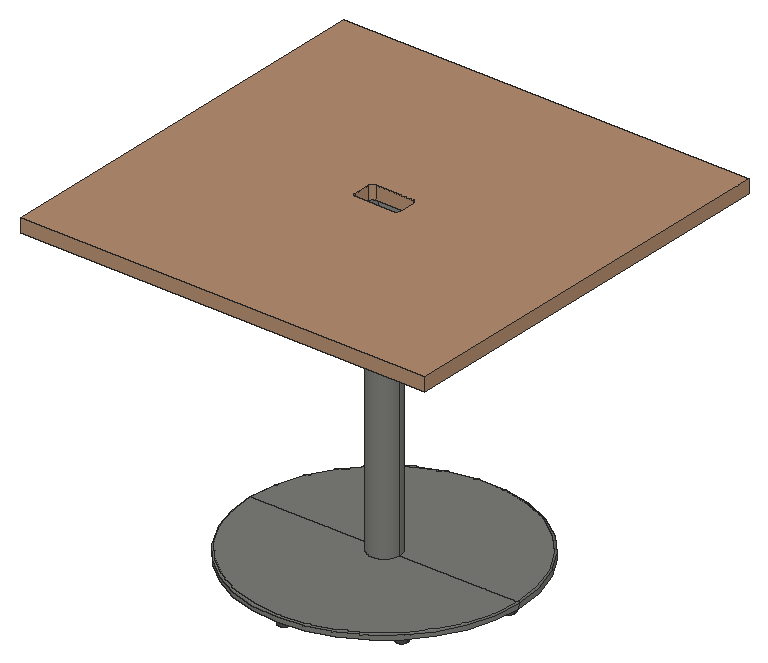
Revit family "Table-Teknion-ATETB_Square_Cafe_Table_With_Electrics-R2022", category Furniture, Revit 2023
Family settings
  OmniClass Number = 23.40.20.00
  OmniClass Title = General Furniture and Specialties
  Work Plane-Based = No
  Enable Cutting in Views = No
  Always vertical = Yes
  Cut with Voids When Loaded = No
  Render Appearance Source = Family Geometry
  Shared = Yes
  Room Calculation Point = No
Parameters (values of type "29" Height")
  Width = 36.000"  # constant formula
  Warranty = "http://www.teknion.com/ca/papers/legal-canada"
  Unit Weight URL = "http://www.teknion.com/ca/tools/assets#&asset=bee6a381-b954-425e-8283-5a2de3a804f2,f828d448-4b62-4231-9e5f-9a8991c0ed77"
  URL = "www.teknion.com"
  To render please download texture images found here [instance] = "https://assets.teknion.com/web/5e81352c1dfdb467/revit-material-swatches/"
  Sustainability Data = "https://www.teknion.com/ca/tools/assets#&topic=216f99a5-57a0-44fc-b10a-9dee9b29ae4c&asset=444deb64-fe58-4b68-981e-f75e97781df7,b4ff2d81-9f2e-437d-9659-7cffb09c31cf"
  Surface Finish [instance] = Foundation Laminate - Teknion - YA - Anigre
  Straight [instance] = not(Radius)  # yes
  Series = "Teknion Casual Tables"  # constant formula
  Radius [instance] = no
  Product Page URL = "https://www.teknion.com/ca/products/product-details?productlineid=a687336e-8e7a-673b-a6c8-ff00004460c4"
  Product Line = "Casual Tables"  # constant formula
  Product Documentation Link = "http://www.teknion.com/pricing/tables/pdfs/ATETB_ppg.pdf"
  Part Number = "ATETB"  # constant formula
  Model = "ATETB_29M36AH"
  Manufacturer Phone = "416-661-3370"  # constant formula
  Manufacturer Fax = "416.661.4586"  # constant formula
  Manufacturer Contact Information = "http://www.teknion.com/ca/contactus"
  Manufacturer Address = "1150 Flint Road, Toronto, ON. M3J 2J5. Canada"  # constant formula
  Manufacturer = "Teknion"  # constant formula
  How To Use Teknion Materials User Guide [instance] = "https://assets.teknion.com/m/205dd0a49fa58060/original/How-to-add-a-Material-Library-and-Texture-Images-to-your-Revit-project.pdf"
  Height = 29.000"
  For Additional Finishes please visit [instance] = "https://assets.teknion.com/m/44a8009b046e5d47/original/Teknion_Materials_Library.zip"
  Description = "Square Cafe Table With Electrics, 29\" Height, Metal Post Base Style, 36\" Width, Dual Flush Power Module Cutout"
  Default Elevation = 0.000"
  Cut-Out - Radius [instance] = if(Radius, 5.000", 0.300")  # 0.300"
  Corner Style [instance] = "Select one corner style. Straight corner is default."  # constant formula
  Base Finish [instance] = Paint - Teknion - Mica - Anthracite
  Available Width = "36 Inch Only"  # constant formula
  Available Height = "26 & 29 Inch"  # constant formula
  Assembly Code = "E2020200"
Reference planes (in)
  plane 1 "Center Front/Back": y = 0
  plane 2: z = 0
  plane 3 "Center Left/Right": x = 0
  plane 4 "Left": x = -18
  plane 5 "Right": x = 18
  plane 6 "Back": y = 18
  plane 7 "Front": y = -18
  plane 8 "Top": z = 29
  plane 9: z = 27.81102
  plane 10: through (-21, -21, 48) normal (-0.7071, 0.7071, 0)
  plane 11: through (21, -21, 48) normal (-0.7071, -0.7071, 0)
Forms (in)
  Sweep 1, solid, material "Foundation Laminate - Teknion - YA - Anigre" <- "Surface Finish"
    path origin (0, 0, 0) x (1, 0, 0) y (0, 0, 1)
      loop
        line (0, 29) -> (0, 27.81102)
    profile origin (0, 0, 28.40551) x (0, -1, 0) y (1, 0, 0)
      loop
        line (-18, -18) -> (18, -18) -> (18, 18) -> (-18, 18) -> (-18, -18)
  Sweep 2, void
    path origin (0, 0, 0) x (1, 0, 0) y (0, 0, 1)
      loop
        line (0, 30.5) -> (0, 25)
    profile origin (0, 0, 27.75) x (0, -1, 0) y (1, 0, 0)
      loop
        arc (-1.12205, -1.65354) -> (-1.00673, -1.93193) -> (-0.72835, -2.04724) r 0.3937
        line (-0.72835, -2.04724) -> (0.72835, -2.04724)
        arc (0.72835, -2.04724) -> (1.00673, -1.93193) -> (1.12205, -1.65354) r 0.3937
        line (1.12205, -1.65354) -> (1.12205, 1.65354)
        arc (1.12205, 1.65354) -> (1.00673, 1.93193) -> (0.72835, 2.04724) r 0.3937
        line (0.72835, 2.04724) -> (-0.72835, 2.04724)
        arc (-0.72835, 2.04724) -> (-1.00673, 1.93193) -> (-1.12205, 1.65354) r 0.3937
        line (-1.12205, 1.65354) -> (-1.12205, -1.65354)
  Revolve 3, solid, material "Paint - Teknion - Mica - Anthracite" <- "Base Finish"
    sketch origin (0, 0, 0) x (1, 0, 0) y (0, 0, 1)
      loop
        line (1.25689, 22.22047) -> (1.25689, 0.51969) -> (12, 0.51969) -> (12, 0.89469)
        arc (12, 0.89469) -> (11.96339, 0.98307) -> (11.875, 1.01969) r 0.125
        line (11.875, 1.01969) -> (1.375, 1.01969) -> (1.375, 22.22047) -> (1.25689, 22.22047)
      axis (0, 22.22047) -> (0, 0.51969)
    angle from 0 to 360
  Sweep 4, solid, material "Plastic - Teknion - E - Ebony"
    path origin (0, 0, 0) x (1, 0, 0) y (0, 0, 1)
      loop
        line (0, 0.51969) -> (0, 0)
    profile origin (0, 0, 0.25984) x (0, -1, 0) y (1, 0, 0)
      loop
        circle (-11.125, 0) r 0.51181
      loop
        circle (-7.86656, -7.86656) r 0.51181
      loop
        circle (0, -11.125) r 0.51181
      loop
        circle (7.86656, -7.86656) r 0.51181
      loop
        circle (11.125, 0) r 0.51181
      loop
        circle (7.86656, 7.86656) r 0.51181
      loop
        circle (0, 11.125) r 0.51181
      loop
        circle (-7.86656, 7.86656) r 0.51181
  SweptBlend 5, solid, material "Paint - Teknion - Mica - Anthracite" <- "Base Finish"
    path origin (0, 0, 0) x (1, 0, 0) y (0, 0, 1)
      loop
        line (0, 22.22047) -> (0, 27.70472)
    profile origin (0, 0, 22.22047) x (-1, 0, 0) y (0, -1, 0)
      loop
        line (-2.26181, -2.26181) -> (2.26181, -2.26181) -> (2.26181, 2.26181) -> (-2.26181, 2.26181) -> (-2.26181, -2.26181)
    end profile origin (0, 0, 27.70472) x (-1, 0, 0) y (0, -1, 0)
      loop
        line (3.30845, -3.30845) -> (3.30845, 3.30845) -> (-3.30845, 3.30845) -> (-3.30845, -3.30845) -> (3.30845, -3.30845)
  Sweep 6, solid, material "Paint - Teknion - Mica - Anthracite" <- "Base Finish"
    path origin (0, 0, 0) x (1, 0, 0) y (0, 0, 1)
      loop
        line (0, 27.81102) -> (0, 27.70472)
    profile origin (0, 0, 27.75787) x (0, -1, 0) y (1, 0, 0)
      loop
        line (-4.14173, -4.14173) -> (4.14173, -4.14173) -> (4.14173, 4.14173) -> (-4.14173, 4.14173) -> (-4.14173, -4.14173)
  SweptBlend 7, void
    path origin (0, 0, 0) x (1, 0, 0) y (0, 0, 1)
      loop
        line (0, 22.32677) -> (0, 27.81102)
    profile origin (0, 0, 22.32677) x (-1, 0, 0) y (0, -1, 0)
      loop
        line (2.17388, -2.17388) -> (2.17388, 2.17388) -> (-2.17388, 2.17388) -> (-2.17388, -2.17388) -> (2.17388, -2.17388)
    end profile origin (0, 0, 27.81102) x (-1, 0, 0) y (0, -1, 0)
      loop
        line (3.22052, -3.22052) -> (3.22052, 3.22052) -> (-3.22052, 3.22052) -> (-3.22052, -3.22052) -> (3.22052, -3.22052)
  Sweep 8, void
    path origin (0, 0, 0) x (1, 0, 0) y (0, 0, 1)
      loop
        line (0, 20.73191) -> (0, 23.73191)
    profile origin (0, 0, 22.23191) x (-1, 0, 0) y (0, -1, 0)
      loop
        circle (0, 0) r 1.25689
  Sweep 9, void
    path origin (0, 0, 0) x (1, 0, 0) y (0, 0, 1)
      loop
        line (0, 31) -> (0, 30.7)
    profile origin (0, 0, 30.85) x (0, -1, 0) y (1, 0, 0)
      loop
        arc (-15, -18) -> (-17.12132, -17.12132) -> (-18, -15) r 3
        line (-18, -15) -> (-18.5, -15) -> (-18.5, -18.5) -> (-15, -18.5) -> (-15, -18)
      loop
        line (-15, 18) -> (-15, 18.5) -> (-18.5, 18.5) -> (-18.5, 15) -> (-18, 15)
        arc (-18, 15) -> (-17.12132, 17.12132) -> (-15, 18) r 3
      loop
        line (15, -18) -> (15, -18.5) -> (18.5, -18.5) -> (18.5, -15) -> (18, -15)
        arc (18, -15) -> (17.12132, -17.12132) -> (15, -18) r 3
      loop
        arc (15, 18) -> (17.12132, 17.12132) -> (18, 15) r 3
        line (18, 15) -> (18.5, 15) -> (18.5, 18.5) -> (15, 18.5) -> (15, 18)
Cuts and joins
  Sweep 2, Sweep 9 cuts Sweep 1
  SweptBlend 7, Sweep 8 cuts SweptBlend 5
  SweptBlend 7, Sweep 8 cuts Sweep 6
  joined: SweptBlend 5, Sweep 6
Lines and regions (in)
  Masking region 1, visible <- "Straight"
    outline origin (0, 0, 0) x (1, 0, 0) y (0, 1, 0)
      loop
        line (-18, 18) -> (-18, -18) -> (18, -18) -> (18, 18) -> (-18, 18)
      loop
        arc (-0.56638, 1.12205) -> (-1.07043, 0.65875) -> (-1.25689, 0) r 1.25689
        arc (-1.25689, 0) -> (-1.07043, -0.65875) -> (-0.56638, -1.12205) r 1.25689
        line (-0.56638, -1.12205) -> (0.56638, -1.12205)
        arc (0.56638, -1.12205) -> (1.07043, -0.65875) -> (1.25689, 0) r 1.25689
        arc (1.25689, 0) -> (1.07043, 0.65875) -> (0.56638, 1.12205) r 1.25689
        line (0.56638, 1.12205) -> (-0.56638, 1.12205)
  Masking region 2, visible <- "Radius"
    outline origin (0, 0, 0) x (1, 0, 0) y (0, 1, 0)
      loop
        line (15, 18) -> (-15, 18)
        arc (-15, 18) -> (-17.12132, 17.12132) -> (-18, 15) r 3
        line (-18, 15) -> (-18, -15)
        arc (-18, -15) -> (-17.12132, -17.12132) -> (-15, -18) r 3
        line (-15, -18) -> (15, -18)
        arc (15, -18) -> (17.12132, -17.12132) -> (18, -15) r 3
        line (18, -15) -> (18, 15)
        arc (18, 15) -> (17.12132, 17.12132) -> (15, 18) r 3
      loop
        arc (1.25689, 0) -> (1.07043, 0.65875) -> (0.56638, 1.12205) r 1.25689
        line (0.56638, 1.12205) -> (-0.56638, 1.12205)
        arc (-0.56638, 1.12205) -> (-1.07043, 0.65875) -> (-1.25689, 0) r 1.25689
        arc (-1.25689, 0) -> (-1.07043, -0.65875) -> (-0.56638, -1.12205) r 1.25689
        line (-0.56638, -1.12205) -> (0.56638, -1.12205)
        arc (0.56638, -1.12205) -> (1.07043, -0.65875) -> (1.25689, 0) r 1.25689
  symbolic lines
    curve 1: line (-1.65354, 1.12205, 0) -> (1.65354, 1.12205, 0)
    curve 2: arc (1.65354, 1.12205, 0) -> (1.93193, 1.00673, 0) -> (2.04724, 0.72835, 0) r 0.3937
    curve 3: line (2.04724, 0.72835, 0) -> (2.04724, -0.72835, 0)
    curve 4: arc (2.04724, -0.72835, 0) -> (1.93193, -1.00673, 0) -> (1.65354, -1.12205, 0) r 0.3937
    curve 5: line (1.65354, -1.12205, 0) -> (-1.65354, -1.12205, 0)
    curve 6: arc (-1.65354, -1.12205, 0) -> (-1.93193, -1.00673, 0) -> (-2.04724, -0.72835, 0) r 0.3937
    curve 7: line (-2.04724, -0.72835, 0) -> (-2.04724, 0.72835, 0)
    curve 8: arc (-2.04724, 0.72835, 0) -> (-1.93193, 1.00673, 0) -> (-1.65354, 1.12205, 0) r 0.3937
  symbolic lines, style "FurnitureHiddenLines", detail levels medium+fine
    curve 9: arc (12, 0, 0) -> (0, 12, 0) -> (-12, 0, 0) r 12
    curve 10: arc (-12, 0, 0) -> (0, -12, 0) -> (12, 0, 0) r 12
    curve 11: line (4.14173, 4.14173, 0) -> (-4.14173, 4.14173, 0)
    curve 12: line (4.14173, -4.14173, 0) -> (4.14173, 4.14173, 0)
    curve 13: line (-4.14173, -4.14173, 0) -> (4.14173, -4.14173, 0)
    curve 14: line (-4.14173, 4.14173, 0) -> (-4.14173, -4.14173, 0)
    curve 15: line (3.30845, 3.30845, 0) -> (-3.30845, 3.30845, 0)
    curve 16: line (-3.22052, 3.22052, 0) -> (3.22052, 3.22052, 0)
    curve 17: line (3.22052, 3.22052, 0) -> (3.22052, -3.22052, 0)
    curve 18: line (3.30845, -3.30845, 0) -> (3.30845, 3.30845, 0)
    curve 19: line (3.22052, -3.22052, 0) -> (-3.22052, -3.22052, 0)
    curve 20: line (-3.30845, -3.30845, 0) -> (3.30845, -3.30845, 0)
    curve 21: line (-3.22052, -3.22052, 0) -> (-3.22052, 3.22052, 0)
    curve 22: line (-3.30845, 3.30845, 0) -> (-3.30845, -3.30845, 0)
    curve 23: line (-2.26181, 2.26181, 0) -> (2.26181, 2.26181, 0)
    curve 24: line (2.17388, 2.17388, 0) -> (-2.17388, 2.17388, 0)
    curve 25: line (2.17388, -2.17388, 0) -> (2.17388, 2.17388, 0)
    curve 26: line (2.26181, 2.26181, 0) -> (2.26181, -2.26181, 0)
    curve 27: line (-2.17388, -2.17388, 0) -> (2.17388, -2.17388, 0)
    curve 28: line (2.26181, -2.26181, 0) -> (-2.26181, -2.26181, 0)
    curve 29: line (-2.17388, 2.17388, 0) -> (-2.17388, -2.17388, 0)
    curve 30: line (-2.26181, -2.26181, 0) -> (-2.26181, 2.26181, 0)
    curve 31: arc (1.375, 0, 0) -> (0, 1.375, 0) -> (-1.375, 0, 0) r 1.375
    curve 32: arc (1.25689, 0, 0) -> (0, 1.25689, 0) -> (-1.25689, 0, 0) r 1.25689
    curve 33: arc (-1.25689, 0, 0) -> (0, -1.25689, 0) -> (1.25689, 0, 0) r 1.25689
    curve 34: arc (-1.375, 0, 0) -> (0, -1.375, 0) -> (1.375, 0, 0) r 1.375
    curve 51: line (-5.82198, -2.39426, 0) -> (-5.82198, -3.31193, 0)
    curve 52: line (-5.23742, -1.80971, 0) -> (-5.82198, -2.39426, 0)
    curve 53: line (-4.13256, -2.91457, 0) -> (-5.23742, -1.80971, 0)
    curve 54: line (-5.17595, -3.95796, 0) -> (-5.82198, -3.31193, 0)
    curve 55: line (-5.17595, -3.95796, 0) -> (-4.93239, -4.40167, 0)
    curve 56: line (-4.19284, -2.8543, 0) -> (-4.21695, -3.95175, 0)
    curve 57: line (-4.15667, -4.01202, 0) -> (-4.13256, -2.91457, 0)
    curve 58: line (-3.95175, -4.21695, 0) -> (-4.21695, -3.95175, 0)
    curve 59: line (-4.01202, -4.15667, 0) -> (-2.91457, -4.13256, 0)
    curve 60: line (-2.8543, -4.19284, 0) -> (-3.95175, -4.21695, 0)
    curve 61: line (-2.91457, -4.13256, 0) -> (-1.80971, -5.23742, 0)
    curve 62: line (-1.80971, -5.23742, 0) -> (-2.39426, -5.82198, 0)
    curve 63: line (-2.39426, -5.82198, 0) -> (-3.31193, -5.82198, 0)
    curve 64: line (-3.95796, -5.17595, 0) -> (-3.31193, -5.82198, 0)
    curve 65: line (-5.10273, -5.36794, 0) -> (-5.36794, -5.10273, 0)
    curve 66: line (-3.95796, -5.17595, 0) -> (-4.40167, -4.93239, 0)
    curve 67: line (-4.3414, -4.99266, 0) -> (-3.89768, -5.23622, 0)
    curve 68: line (-4.99266, -4.3414, 0) -> (-5.23622, -3.89768, 0)
    curve 69: spline (-4.93239, -4.40167, 0) -> (-4.93111, -4.44466, 0) -> (-4.94138, -4.49381, 0) -> (-4.96274, -4.54692, 0) -> (-4.99422, -4.60161, 0) -> (-5.03442, -4.65542, 0) -> (-5.08153, -4.70594, 0) -> (-5.13344, -4.7509, 0) -> (-5.18783, -4.78829, 0) -> (-5.24225, -4.81644, 0) -> (-5.29426, -4.83407, 0) -> (-5.34154, -4.84041, 0) -> (-5.38195, -4.83516, 0)
    curve 70: spline (-5.44223, -4.77489, 0) -> (-5.40181, -4.78014, 0) -> (-5.35454, -4.7738, 0) -> (-5.30252, -4.75617, 0) -> (-5.2481, -4.72802, 0) -> (-5.19372, -4.69063, 0) -> (-5.1418, -4.64566, 0) -> (-5.09469, -4.59514, 0) -> (-5.05449, -4.54133, 0) -> (-5.02301, -4.48665, 0) -> (-5.00166, -4.43354, 0) -> (-4.99139, -4.38439, 0) -> (-4.99266, -4.3414, 0)
    curve 71: spline (-5.67223, -4.99564, 0) -> (-5.68393, -4.97689, 0) -> (-5.68655, -4.95112, 0) -> (-5.67988, -4.92023, 0) -> (-5.66442, -4.88648, 0) -> (-5.64131, -4.85237, 0) -> (-5.61225, -4.8204, 0) -> (-5.57938, -4.79292, 0) -> (-5.54511, -4.77197, 0) -> (-5.51197, -4.75907, 0) -> (-5.48239, -4.75518, 0) -> (-5.45856, -4.76058, 0) -> (-5.44223, -4.77489, 0)
    curve 72: spline (-5.38195, -4.83516, 0) -> (-5.39829, -4.82086, 0) -> (-5.42212, -4.81545, 0) -> (-5.4517, -4.81934, 0) -> (-5.48484, -4.83224, 0) -> (-5.5191, -4.8532, 0) -> (-5.55198, -4.88067, 0) -> (-5.58104, -4.91264, 0) -> (-5.60415, -4.94675, 0) -> (-5.61961, -4.9805, 0) -> (-5.62627, -5.01139, 0) -> (-5.62366, -5.03716, 0) -> (-5.61196, -5.05591, 0)
    curve 73: line (-5.61196, -5.05591, 0) -> (-5.67223, -4.99564, 0)
    curve 74: spline (-5.61196, -5.05591, 0) -> (-5.59221, -5.07158, 0) -> (-5.57136, -5.08606, 0) -> (-5.54943, -5.09934, 0) -> (-5.52645, -5.11141, 0) -> (-5.50243, -5.12225, 0) -> (-5.47741, -5.13185, 0) -> (-5.45141, -5.1402, 0) -> (-5.42445, -5.1473, 0) -> (-5.39657, -5.15314, 0) -> (-5.36779, -5.1577, 0) -> (-5.33814, -5.16099, 0) -> (-5.30766, -5.16301, 0)
    curve 75: spline (-5.36794, -5.10273, 0) -> (-5.39842, -5.10072, 0) -> (-5.42806, -5.09743, 0) -> (-5.45684, -5.09287, 0) -> (-5.48472, -5.08703, 0) -> (-5.51168, -5.07993, 0) -> (-5.53768, -5.07158, 0) -> (-5.5627, -5.06197, 0) -> (-5.58672, -5.05113, 0) -> (-5.60971, -5.03907, 0) -> (-5.63163, -5.02579, 0) -> (-5.65248, -5.01131, 0) -> (-5.67223, -4.99564, 0)
    curve 76: spline (-5.05591, -5.61196, 0) -> (-5.07158, -5.59221, 0) -> (-5.08606, -5.57136, 0) -> (-5.09934, -5.54943, 0) -> (-5.11141, -5.52645, 0) -> (-5.12225, -5.50243, 0) -> (-5.13185, -5.47741, 0) -> (-5.1402, -5.45141, 0) -> (-5.1473, -5.42445, 0) -> (-5.15314, -5.39657, 0) -> (-5.1577, -5.36779, 0) -> (-5.16099, -5.33814, 0) -> (-5.16301, -5.30766, 0)
    curve 77: spline (-5.10273, -5.36794, 0) -> (-5.10072, -5.39842, 0) -> (-5.09743, -5.42806, 0) -> (-5.09287, -5.45684, 0) -> (-5.08703, -5.48472, 0) -> (-5.07993, -5.51168, 0) -> (-5.07158, -5.53768, 0) -> (-5.06197, -5.5627, 0) -> (-5.05113, -5.58672, 0) -> (-5.03907, -5.60971, 0) -> (-5.02579, -5.63163, 0) -> (-5.01131, -5.65248, 0) -> (-4.99564, -5.67223, 0)
    curve 78: spline (-4.83516, -5.38195, 0) -> (-4.82086, -5.39829, 0) -> (-4.81545, -5.42212, 0) -> (-4.81934, -5.4517, 0) -> (-4.83224, -5.48484, 0) -> (-4.8532, -5.5191, 0) -> (-4.88067, -5.55198, 0) -> (-4.91264, -5.58104, 0) -> (-4.94675, -5.60415, 0) -> (-4.9805, -5.61961, 0) -> (-5.01139, -5.62627, 0) -> (-5.03716, -5.62366, 0) -> (-5.05591, -5.61196, 0)
    curve 79: spline (-4.99564, -5.67223, 0) -> (-4.97689, -5.68393, 0) -> (-4.95112, -5.68655, 0) -> (-4.92023, -5.67988, 0) -> (-4.88648, -5.66442, 0) -> (-4.85237, -5.64131, 0) -> (-4.8204, -5.61225, 0) -> (-4.79292, -5.57938, 0) -> (-4.77197, -5.54511, 0) -> (-4.75907, -5.51197, 0) -> (-4.75518, -5.48239, 0) -> (-4.76058, -5.45856, 0) -> (-4.77489, -5.44223, 0)
    curve 80: line (-5.05591, -5.61196, 0) -> (-4.99564, -5.67223, 0)
    curve 81: spline (-4.77489, -5.44223, 0) -> (-4.78014, -5.40181, 0) -> (-4.7738, -5.35454, 0) -> (-4.75617, -5.30252, 0) -> (-4.72802, -5.2481, 0) -> (-4.69063, -5.19372, 0) -> (-4.64566, -5.1418, 0) -> (-4.59514, -5.09469, 0) -> (-4.54133, -5.05449, 0) -> (-4.48665, -5.02301, 0) -> (-4.43354, -5.00166, 0) -> (-4.38439, -4.99139, 0) -> (-4.3414, -4.99266, 0)
    curve 82: spline (-4.40167, -4.93239, 0) -> (-4.44466, -4.93111, 0) -> (-4.49381, -4.94138, 0) -> (-4.54692, -4.96274, 0) -> (-4.60161, -4.99422, 0) -> (-4.65542, -5.03442, 0) -> (-4.70594, -5.08153, 0) -> (-4.7509, -5.13344, 0) -> (-4.78829, -5.18783, 0) -> (-4.81644, -5.24225, 0) -> (-4.83407, -5.29426, 0) -> (-4.84041, -5.34154, 0) -> (-4.83516, -5.38195, 0)
    curve 83: line (-4.83516, -5.38195, 0) -> (-4.77489, -5.44223, 0)
    curve 84: line (-5.38195, -4.83516, 0) -> (-5.44223, -4.77489, 0)
    curve 85: line (2.39426, 5.82198, 0) -> (3.31193, 5.82198, 0)
    curve 86: line (1.80971, 5.23742, 0) -> (2.39426, 5.82198, 0)
    curve 87: line (2.91457, 4.13256, 0) -> (1.80971, 5.23742, 0)
    curve 88: line (3.95796, 5.17595, 0) -> (3.31193, 5.82198, 0)
    curve 89: line (3.95796, 5.17595, 0) -> (4.40167, 4.93239, 0)
    curve 90: line (2.8543, 4.19284, 0) -> (3.95175, 4.21695, 0)
    curve 91: line (4.01202, 4.15667, 0) -> (2.91457, 4.13256, 0)
    curve 92: line (4.21695, 3.95175, 0) -> (3.95175, 4.21695, 0)
    curve 93: line (4.15667, 4.01202, 0) -> (4.13256, 2.91457, 0)
    curve 94: line (4.19284, 2.8543, 0) -> (4.21695, 3.95175, 0)
    curve 95: line (4.13256, 2.91457, 0) -> (5.23742, 1.80971, 0)
    curve 96: line (5.23742, 1.80971, 0) -> (5.82198, 2.39426, 0)
    curve 97: line (5.82198, 2.39426, 0) -> (5.82198, 3.31193, 0)
    curve 98: line (5.17595, 3.95796, 0) -> (5.82198, 3.31193, 0)
    curve 99: line (5.36794, 5.10273, 0) -> (5.10273, 5.36794, 0)
    curve 100: line (5.17595, 3.95796, 0) -> (4.93239, 4.40167, 0)
    curve 101: line (4.99266, 4.3414, 0) -> (5.23622, 3.89768, 0)
    curve 102: line (4.3414, 4.99266, 0) -> (3.89768, 5.23622, 0)
    curve 103: spline (4.40167, 4.93239, 0) -> (4.44466, 4.93111, 0) -> (4.49381, 4.94138, 0) -> (4.54692, 4.96274, 0) -> (4.60161, 4.99422, 0) -> (4.65542, 5.03442, 0) -> (4.70594, 5.08153, 0) -> (4.7509, 5.13344, 0) -> (4.78829, 5.18783, 0) -> (4.81644, 5.24225, 0) -> (4.83407, 5.29426, 0) -> (4.84041, 5.34154, 0) -> (4.83516, 5.38195, 0)
    curve 104: spline (4.77489, 5.44223, 0) -> (4.78014, 5.40181, 0) -> (4.7738, 5.35454, 0) -> (4.75617, 5.30252, 0) -> (4.72802, 5.2481, 0) -> (4.69063, 5.19372, 0) -> (4.64566, 5.1418, 0) -> (4.59514, 5.09469, 0) -> (4.54133, 5.05449, 0) -> (4.48665, 5.02301, 0) -> (4.43354, 5.00166, 0) -> (4.38439, 4.99139, 0) -> (4.3414, 4.99266, 0)
    curve 105: spline (4.99564, 5.67223, 0) -> (4.97689, 5.68393, 0) -> (4.95112, 5.68655, 0) -> (4.92023, 5.67988, 0) -> (4.88648, 5.66442, 0) -> (4.85237, 5.64131, 0) -> (4.8204, 5.61225, 0) -> (4.79292, 5.57938, 0) -> (4.77197, 5.54511, 0) -> (4.75907, 5.51197, 0) -> (4.75518, 5.48239, 0) -> (4.76058, 5.45856, 0) -> (4.77489, 5.44223, 0)
    curve 106: spline (4.83516, 5.38195, 0) -> (4.82086, 5.39829, 0) -> (4.81545, 5.42212, 0) -> (4.81934, 5.4517, 0) -> (4.83224, 5.48484, 0) -> (4.8532, 5.5191, 0) -> (4.88067, 5.55198, 0) -> (4.91264, 5.58104, 0) -> (4.94675, 5.60415, 0) -> (4.9805, 5.61961, 0) -> (5.01139, 5.62627, 0) -> (5.03716, 5.62366, 0) -> (5.05591, 5.61196, 0)
    curve 107: line (5.05591, 5.61196, 0) -> (4.99564, 5.67223, 0)
    curve 108: spline (5.05591, 5.61196, 0) -> (5.07158, 5.59221, 0) -> (5.08606, 5.57136, 0) -> (5.09934, 5.54943, 0) -> (5.11141, 5.52645, 0) -> (5.12225, 5.50243, 0) -> (5.13185, 5.47741, 0) -> (5.1402, 5.45141, 0) -> (5.1473, 5.42445, 0) -> (5.15314, 5.39657, 0) -> (5.1577, 5.36779, 0) -> (5.16099, 5.33814, 0) -> (5.16301, 5.30766, 0)
    curve 109: spline (5.10273, 5.36794, 0) -> (5.10072, 5.39842, 0) -> (5.09743, 5.42806, 0) -> (5.09287, 5.45684, 0) -> (5.08703, 5.48472, 0) -> (5.07993, 5.51168, 0) -> (5.07158, 5.53768, 0) -> (5.06197, 5.5627, 0) -> (5.05113, 5.58672, 0) -> (5.03907, 5.60971, 0) -> (5.02579, 5.63163, 0) -> (5.01131, 5.65248, 0) -> (4.99564, 5.67223, 0)
    curve 110: spline (5.61196, 5.05591, 0) -> (5.59221, 5.07158, 0) -> (5.57136, 5.08606, 0) -> (5.54943, 5.09934, 0) -> (5.52645, 5.11141, 0) -> (5.50243, 5.12225, 0) -> (5.47741, 5.13185, 0) -> (5.45141, 5.1402, 0) -> (5.42445, 5.1473, 0) -> (5.39657, 5.15314, 0) -> (5.36779, 5.1577, 0) -> (5.33814, 5.16099, 0) -> (5.30766, 5.16301, 0)
    curve 111: spline (5.36794, 5.10273, 0) -> (5.39842, 5.10072, 0) -> (5.42806, 5.09743, 0) -> (5.45684, 5.09287, 0) -> (5.48472, 5.08703, 0) -> (5.51168, 5.07993, 0) -> (5.53768, 5.07158, 0) -> (5.5627, 5.06197, 0) -> (5.58672, 5.05113, 0) -> (5.60971, 5.03907, 0) -> (5.63163, 5.02579, 0) -> (5.65248, 5.01131, 0) -> (5.67223, 4.99564, 0)
    curve 112: spline (5.38195, 4.83516, 0) -> (5.39829, 4.82086, 0) -> (5.42212, 4.81545, 0) -> (5.4517, 4.81934, 0) -> (5.48484, 4.83224, 0) -> (5.5191, 4.8532, 0) -> (5.55198, 4.88067, 0) -> (5.58104, 4.91264, 0) -> (5.60415, 4.94675, 0) -> (5.61961, 4.9805, 0) -> (5.62627, 5.01139, 0) -> (5.62366, 5.03716, 0) -> (5.61196, 5.05591, 0)
    curve 113: spline (5.67223, 4.99564, 0) -> (5.68393, 4.97689, 0) -> (5.68655, 4.95112, 0) -> (5.67988, 4.92023, 0) -> (5.66442, 4.88648, 0) -> (5.64131, 4.85237, 0) -> (5.61225, 4.8204, 0) -> (5.57938, 4.79292, 0) -> (5.54511, 4.77197, 0) -> (5.51197, 4.75907, 0) -> (5.48239, 4.75518, 0) -> (5.45856, 4.76058, 0) -> (5.44223, 4.77489, 0)
    curve 114: line (5.61196, 5.05591, 0) -> (5.67223, 4.99564, 0)
    curve 115: spline (5.44223, 4.77489, 0) -> (5.40181, 4.78014, 0) -> (5.35454, 4.7738, 0) -> (5.30252, 4.75617, 0) -> (5.2481, 4.72802, 0) -> (5.19372, 4.69063, 0) -> (5.1418, 4.64566, 0) -> (5.09469, 4.59514, 0) -> (5.05449, 4.54133, 0) -> (5.02301, 4.48665, 0) -> (5.00166, 4.43354, 0) -> (4.99139, 4.38439, 0) -> (4.99266, 4.3414, 0)
    curve 116: spline (4.93239, 4.40167, 0) -> (4.93111, 4.44466, 0) -> (4.94138, 4.49381, 0) -> (4.96274, 4.54692, 0) -> (4.99422, 4.60161, 0) -> (5.03442, 4.65542, 0) -> (5.08153, 4.70594, 0) -> (5.13344, 4.7509, 0) -> (5.18783, 4.78829, 0) -> (5.24225, 4.81644, 0) -> (5.29426, 4.83407, 0) -> (5.34154, 4.84041, 0) -> (5.38195, 4.83516, 0)
    curve 117: line (5.38195, 4.83516, 0) -> (5.44223, 4.77489, 0)
    curve 118: line (4.83516, 5.38195, 0) -> (4.77489, 5.44223, 0)
  symbolic lines, style "FurnitureHiddenLines", detail levels fine
    curve 35: arc (0.51181, 11.125, 0) -> (0, 11.63681, 0) -> (-0.51181, 11.125, 0) r 0.51181
    curve 36: arc (-0.51181, 11.125, 0) -> (0, 10.61319, 0) -> (0.51181, 11.125, 0) r 0.51181
    curve 37: arc (8.37837, 7.86656, 0) -> (7.86656, 8.37837, 0) -> (7.35475, 7.86656, 0) r 0.51181
    curve 38: arc (7.35475, 7.86656, 0) -> (7.86656, 7.35475, 0) -> (8.37837, 7.86656, 0) r 0.51181
    curve 39: arc (-7.35475, 7.86656, 0) -> (-7.86656, 8.37837, 0) -> (-8.37837, 7.86656, 0) r 0.51181
    curve 40: arc (-8.37837, 7.86656, 0) -> (-7.86656, 7.35475, 0) -> (-7.35475, 7.86656, 0) r 0.51181
    curve 41: arc (-10.61319, 0, 0) -> (-11.125, 0.51181, 0) -> (-11.63681, 0, 0) r 0.51181
    curve 42: arc (-11.63681, 0, 0) -> (-11.125, -0.51181, 0) -> (-10.61319, 0, 0) r 0.51181
    curve 43: arc (11.63681, 0, 0) -> (11.125, 0.51181, 0) -> (10.61319, 0, 0) r 0.51181
    curve 44: arc (10.61319, 0, 0) -> (11.125, -0.51181, 0) -> (11.63681, 0, 0) r 0.51181
    curve 45: arc (8.37837, -7.86656, 0) -> (7.86656, -7.35475, 0) -> (7.35475, -7.86656, 0) r 0.51181
    curve 46: arc (7.35475, -7.86656, 0) -> (7.86656, -8.37837, 0) -> (8.37837, -7.86656, 0) r 0.51181
    curve 47: arc (0.51181, -11.125, 0) -> (0, -10.61319, 0) -> (-0.51181, -11.125, 0) r 0.51181
    curve 48: arc (-0.51181, -11.125, 0) -> (0, -11.63681, 0) -> (0.51181, -11.125, 0) r 0.51181
    curve 49: arc (-7.35475, -7.86656, 0) -> (-7.86656, -7.35475, 0) -> (-8.37837, -7.86656, 0) r 0.51181
    curve 50: arc (-8.37837, -7.86656, 0) -> (-7.86656, -8.37837, 0) -> (-7.35475, -7.86656, 0) r 0.51181
  reference lines
    curve 119: line (-18, 18, 0) -> (18, 18, 0)
    curve 120: line (-18, 18, 0) -> (-18, -18, 0)
    curve 121: line (-18, -18, 0) -> (18, -18, 0)
    curve 122: line (18, 18, 0) -> (18, -18, 0)
Dimensions and locks (in)
  "Width": plane 4 "Left" to plane 5 "Right"
  "Width": plane 6 "Back" to plane 7 "Front"
  "Height": plane 8 "Top" to level
  locked: plane 8 "Top" to plane 9 at 1.18898
  equal spacing: plane 6 "Back", plane 1 "Center Front/Back", plane 7 "Front"
  equal spacing: plane 4 "Left", plane 3 "Center Left/Right", plane 5 "Right"
  locked: Sweep 2 sketch curve to plane 8 "Top" at 1.5
  locked: Sweep 2 sketch curve to Sweep 2 sketch curve at 5.5
  Sweep 2 sketch curve to plane 3 "Center Left/Right" to Sweep 2 sketch curve = 2.04724" locked, 2.04724" locked
  Sweep 2 sketch curve to plane 1 "Center Front/Back" to Sweep 2 sketch curve = 1.12205" locked, 1.12205" locked
  Revolve 3 sketch curve to Revolve 3 sketch curve to Revolve 3 sketch curve to Revolve 3 sketch curve to plane 3 "Center Left/Right" = 0.125" locked, 10.500" locked, 0.11811" locked, 1.25689" locked
  Revolve 3 sketch curve to Revolve 3 sketch curve to plane 2 = 0.500" locked, 0.51969" locked
  locked: plane 9 to Revolve 3 sketch curve at 5.59055
  locked: Sweep 4 sketch curve to plane 2 at 0.51969
  Sweep 4 sketch curve to Sweep 4 sketch curve to Sweep 4 sketch curve to plane 1 "Center Front/Back" to Sweep 4 sketch curve to Sweep 4 sketch curve to Sweep 4 sketch curve = 3.25844" locked, 0.000" locked, 7.86656" locked, 7.86656" locked, 0.000" locked, 3.25844" locked
  Sweep 4 sketch curve to Sweep 4 sketch curve to Sweep 4 sketch curve to plane 3 "Center Left/Right" to Sweep 4 sketch curve to Sweep 4 sketch curve to Sweep 4 sketch curve = 3.25844" locked, 0.000" locked, 7.86656" locked, 7.86656" locked, 0.000" locked, 3.25844" locked
  SweptBlend 5 sketch curve to SweptBlend 5 sketch curve to plane 9 = 5.48425" locked, 0.1063" locked
  SweptBlend 5 sketch curve to plane 1 "Center Front/Back" to SweptBlend 5 sketch curve = 2.26181" locked, 2.26181" locked
  SweptBlend 5 sketch curve to plane 3 "Center Left/Right" to SweptBlend 5 sketch curve = 2.26181" locked, 2.26181" locked
  SweptBlend 5 sketch curve to plane 1 "Center Front/Back" to SweptBlend 5 sketch curve = 3.30845" locked, 3.30845" locked
  SweptBlend 5 sketch curve to plane 3 "Center Left/Right" to SweptBlend 5 sketch curve = 3.30845" locked, 3.30845" locked
  locked: plane 9 to Sweep 6 sketch curve at 0.1063
  Sweep 6 sketch curve to plane 1 "Center Front/Back" to Sweep 6 sketch curve = 4.14173" locked, 4.14173" locked
  Sweep 6 sketch curve to plane 3 "Center Left/Right" to Sweep 6 sketch curve = 4.14173" locked, 4.14173" locked
  locked: plane 9 to SweptBlend 7 sketch curve at 5.48425
  SweptBlend 7 sketch curve to plane 1 "Center Front/Back" to SweptBlend 7 sketch curve = 2.17388" locked, 2.17388" locked
  SweptBlend 7 sketch curve to plane 3 "Center Left/Right" to SweptBlend 7 sketch curve = 2.17388" locked, 2.17388" locked
  SweptBlend 7 sketch curve to plane 1 "Center Front/Back" to SweptBlend 7 sketch curve = 3.22052" locked, 3.22052" locked
  SweptBlend 7 sketch curve to plane 3 "Center Left/Right" to SweptBlend 7 sketch curve = 3.22052" locked, 3.22052" locked
  Sweep 8 sketch curve to Sweep 8 sketch curve to plane 9 = 3.000" locked, 4.07911" locked
  locked: nested 1 to plane 11 at 6.2632
  locked: plane 11 to nested 2 at 6.2632
  "Cut-Out - Radius": Sweep 9 sketch curve to Sweep 9 sketch curve
  locked: Sweep 9 sketch curve to plane 8 "Top" at 2
  Sweep 9 sketch curve to plane 7 "Front" to Sweep 9 sketch curve to Sweep 9 sketch curve = 0.500" locked, 3.000" locked, 0.000" locked  (x2)
  Sweep 9 sketch curve to plane 4 "Left" to Sweep 9 sketch curve to Sweep 9 sketch curve = 0.500" locked, 3.000" locked, 0.000" locked  (x2)
  Sweep 9 sketch curve to Sweep 9 sketch curve to plane 5 "Right" to Sweep 9 sketch curve = 0.000" locked, 3.000" locked, 0.500" locked  (x2)
  Sweep 9 sketch curve to plane 6 "Back" to Sweep 9 sketch curve to Sweep 9 sketch curve = 0.500" locked, 3.000" locked, 0.000" locked
  Sweep 9 sketch curve to Sweep 9 sketch curve to plane 6 "Back" to Sweep 9 sketch curve = 0.000" locked, 3.000" locked, 0.500" locked
  aligned and locked: level to plane 2
  aligned and locked: Sweep 1 sketch curve to plane 3 "Center Left/Right"
  aligned and locked: plane 8 "Top" to Sweep 1 sketch curve
  aligned and locked: plane 9 to Sweep 1 sketch curve
  aligned and locked: Sweep 2 sketch curve to plane 3 "Center Left/Right"
  aligned and locked: Revolve 3 sketch curve to plane 3 "Center Left/Right"
  aligned and locked: Sweep 4 sketch curve to plane 3 "Center Left/Right"
  aligned and locked: plane 2 to Sweep 4 sketch curve
  aligned and locked: plane 1 "Center Front/Back" to Sweep 4 sketch curve  (x2)
  aligned and locked: plane 3 "Center Left/Right" to Sweep 4 sketch curve  (x2)
  aligned and locked: plane 3 "Center Left/Right" to SweptBlend 5 sketch curve
  aligned and locked: plane 9 to Sweep 6 sketch curve
  aligned and locked: Sweep 6 sketch curve to plane 3 "Center Left/Right"
  aligned and locked: plane 3 "Center Left/Right" to SweptBlend 7 sketch curve
  aligned and locked: plane 9 to SweptBlend 7 sketch curve
  aligned and locked: plane 3 "Center Left/Right" to Sweep 8 sketch curve  (x2)
  aligned and locked: plane 1 "Center Front/Back" to Sweep 8 sketch curve
  aligned and locked: nested 1 to plane 10
  aligned and locked: plane 10 to nested 2
  aligned and locked: curve 2 to cut or joined group of Sweep 1, Sweep 2, Sweep 9
  aligned and locked: curve 4 to cut or joined group of Sweep 1, Sweep 2, Sweep 9
  aligned and locked: curve 6 to cut or joined group of Sweep 1, Sweep 2, Sweep 9
  aligned and locked: curve 8 to cut or joined group of Sweep 1, Sweep 2, Sweep 9
  aligned and locked: curve 9 to Revolve 3
  aligned and locked: curve 10 to Revolve 3
  aligned and locked: curve 11 to cut or joined group of SweptBlend 5, Sweep 6, SweptBlend 7, Sweep 8
  aligned and locked: curve 12 to cut or joined group of SweptBlend 5, Sweep 6, SweptBlend 7, Sweep 8
  aligned and locked: curve 13 to cut or joined group of SweptBlend 5, Sweep 6, SweptBlend 7, Sweep 8
  aligned and locked: curve 14 to cut or joined group of SweptBlend 5, Sweep 6, SweptBlend 7, Sweep 8
  aligned and locked: curve 15 to cut or joined group of SweptBlend 5, Sweep 6, SweptBlend 7, Sweep 8
  aligned and locked: curve 16 to cut or joined group of SweptBlend 5, Sweep 6, SweptBlend 7, Sweep 8
  aligned and locked: curve 17 to cut or joined group of SweptBlend 5, Sweep 6, SweptBlend 7, Sweep 8
  aligned and locked: curve 18 to cut or joined group of SweptBlend 5, Sweep 6, SweptBlend 7, Sweep 8
  aligned and locked: curve 19 to cut or joined group of SweptBlend 5, Sweep 6, SweptBlend 7, Sweep 8
  aligned and locked: curve 20 to cut or joined group of SweptBlend 5, Sweep 6, SweptBlend 7, Sweep 8
  aligned and locked: curve 21 to cut or joined group of SweptBlend 5, Sweep 6, SweptBlend 7, Sweep 8
  aligned and locked: curve 22 to cut or joined group of SweptBlend 5, Sweep 6, SweptBlend 7, Sweep 8
  aligned and locked: curve 23 to cut or joined group of SweptBlend 5, Sweep 6, SweptBlend 7, Sweep 8
  aligned and locked: curve 24 to cut or joined group of SweptBlend 5, Sweep 6, SweptBlend 7, Sweep 8
  aligned and locked: curve 25 to cut or joined group of SweptBlend 5, Sweep 6, SweptBlend 7, Sweep 8
  aligned and locked: curve 26 to cut or joined group of SweptBlend 5, Sweep 6, SweptBlend 7, Sweep 8
  aligned and locked: curve 27 to cut or joined group of SweptBlend 5, Sweep 6, SweptBlend 7, Sweep 8
  aligned and locked: curve 28 to cut or joined group of SweptBlend 5, Sweep 6, SweptBlend 7, Sweep 8
  aligned and locked: curve 29 to cut or joined group of SweptBlend 5, Sweep 6, SweptBlend 7, Sweep 8
  aligned and locked: curve 30 to cut or joined group of SweptBlend 5, Sweep 6, SweptBlend 7, Sweep 8
  aligned and locked: curve 31 to Revolve 3
  aligned and locked: curve 32 to Revolve 3
  aligned and locked: curve 33 to Revolve 3
  aligned and locked: curve 34 to Revolve 3
  aligned and locked: curve 35 to Sweep 4
  aligned and locked: curve 36 to Sweep 4
  aligned and locked: curve 37 to Sweep 4
  aligned and locked: curve 38 to Sweep 4
  aligned and locked: curve 39 to Sweep 4
  aligned and locked: curve 40 to Sweep 4
  aligned and locked: curve 41 to Sweep 4
  aligned and locked: curve 42 to Sweep 4
  aligned and locked: curve 43 to Sweep 4
  aligned and locked: curve 44 to Sweep 4
  aligned and locked: curve 45 to Sweep 4
  aligned and locked: curve 46 to Sweep 4
  aligned and locked: curve 47 to Sweep 4
  aligned and locked: curve 48 to Sweep 4
  aligned and locked: curve 49 to Sweep 4
  aligned and locked: curve 50 to Sweep 4
  aligned and locked: curve 51 to nested 1
  aligned and locked: curve 52 to nested 1
  aligned and locked: curve 53 to nested 1
  aligned and locked: curve 54 to nested 1
  aligned and locked: curve 55 to nested 1
  aligned and locked: curve 56 to nested 1
  aligned and locked: curve 57 to nested 1
  aligned and locked: curve 58 to nested 1
  aligned and locked: curve 59 to nested 1
  aligned and locked: curve 60 to nested 1
  aligned and locked: curve 61 to nested 1
  aligned and locked: curve 62 to nested 1
  aligned and locked: curve 63 to nested 1
  aligned and locked: curve 64 to nested 1
  aligned and locked: curve 65 to nested 1
  aligned and locked: curve 66 to nested 1
  aligned and locked: curve 67 to nested 1
  aligned and locked: curve 68 to nested 1
  aligned and locked: curve 73 to nested 1
  aligned and locked: curve 80 to nested 1
  aligned and locked: curve 83 to nested 1
  aligned and locked: curve 84 to nested 1
  aligned and locked: plane 1 "Center Front/Back" to nested 3
  aligned and locked: plane 3 "Center Left/Right" to nested 3
  aligned and locked: curve 119 to plane 6 "Back"
  aligned and locked: curve 120 to plane 4 "Left"
  aligned and locked: plane 7 "Front" to curve 121
  aligned and locked: plane 5 "Right" to curve 122
  aligned and locked: nested 2 to plane 9
  aligned and locked: plane 9 to nested 1
  aligned and locked: plane 6 "Back" to Sweep 1 sketch curve
  aligned and locked: plane 4 "Left" to Sweep 1 sketch curve
  aligned and locked: Sweep 1 sketch curve to plane 7 "Front"
  aligned and locked: Sweep 1 sketch curve to plane 5 "Right"
  aligned and locked: Sweep 9 sketch curve to plane 3 "Center Left/Right"
  aligned and locked: Masking region 1 sketch curve to plane 6 "Back"
  aligned and locked: Masking region 1 sketch curve to plane 4 "Left"
  aligned and locked: plane 7 "Front" to Masking region 1 sketch curve
  aligned and locked: plane 5 "Right" to Masking region 1 sketch curve
  aligned and locked: Masking region 2 sketch curve to cut or joined group of Sweep 1, Sweep 2, Sweep 9  (x4)
Automatic sketch dimensions
  Sweep 2 sketch curve to Sweep 2 sketch curve = 0.3937"  (x3)
  plane 1 "Center Front/Back" to Sweep 2 sketch curve = 0.72835"
  Sweep 2 sketch curve to profile plane = 1.65354"
  Revolve 3 sketch curve to level = 24.000"
  plane 8 "Top" to Revolve 3 sketch curve = 66.33184"
  plane 1 "Center Front/Back" to Sweep 4 sketch curve = 0.000"  (x4)
  Sweep 4 sketch curve to Sweep 4 sketch curve = 0.000"  (x12)
  Sweep 4 sketch curve to Sweep 4 sketch curve = 0.51181"  (x8)
  Sweep 8 sketch curve to profile plane = 0.000"  (x2)
  Sweep 8 sketch curve to plane 1 "Center Front/Back" = 1.25689"
  plane 1 "Center Front/Back" to curve 10 = 0.000"  (x2)
  plane 1 "Center Front/Back" to curve 44 = 0.000"  (x2)
  plane 1 "Center Front/Back" to curve 42 = 0.000"  (x2)
  plane 1 "Center Front/Back" to curve 73 = 4.99564"
  plane 1 "Center Front/Back" to curve 73 = 5.05591"
  plane 1 "Center Front/Back" to curve 84 = 4.77489"
  plane 1 "Center Front/Back" to curve 84 = 4.83516"
  plane 1 "Center Front/Back" to curve 65 = 5.10273"
  plane 1 "Center Front/Back" to curve 54 = 3.95796"
  curve 75 to curve 65 = 0.2652"
  curve 77 to curve 80 = 0.04682"
  plane 1 "Center Front/Back" to curve 80 = 5.67223"
  plane 1 "Center Front/Back" to curve 68 = 4.3414"
  curve 68 to curve 55 = 0.06027"
  plane 1 "Center Front/Back" to curve 83 = 5.38195"
  curve 83 to curve 83 = 0.06027"
  plane 1 "Center Front/Back" to curve 66 = 4.93239"
  curve 82 to curve 67 = 0.06027"
  plane 3 "Center Left/Right" to curve 86 = 1.80971"
  curve 87 to curve 86 = 0.58455"
  curve 91 to curve 15 = 0.39388"
  curve 86 to curve 85 = 0.91766"
  curve 92 to curve 11 = 0.18999"  (x2)
  curve 85 to curve 88 = 0.64603"
  curve 15 to curve 93 = 0.82411"
  curve 11 to curve 92 = 0.07521"
  curve 88 to curve 102 = 0.38344"
  curve 102 to curve 89 = 0.06027"
  curve 102 to curve 118 = 0.43349"
  curve 104 to curve 118 = 0.06027"
  curve 89 to curve 100 = 0.53072"
  curve 100 to curve 101 = 0.06027"
  curve 118 to curve 107 = 0.22076"
  curve 109 to curve 107 = 0.06027"
  curve 106 to curve 99 = 0.04682"
  curve 101 to curve 98 = 0.18328"
  curve 96 to plane 1 "Center Front/Back" = 1.80971"
  curve 93 to curve 96 = 1.10486"
  curve 109 to curve 99 = 0.2652"
  curve 111 to curve 117 = 0.01402"
  curve 116 to curve 117 = 0.06027"
  curve 111 to curve 114 = 0.24403"
  curve 110 to curve 114 = 0.06027"
  curve 95 to curve 97 = 0.58455"  (x2)
  curve 55 to curve 68 = 0.06027"
  curve 97 to curve 97 = 0.91766"
  curve 97 to curve 98 = 0.64603"
  curve 15 to curve 91 = 0.82411"
  curve 11 to curve 90 = 0.07521"
  curve 98 to curve 101 = 0.38344"
  curve 115 to curve 100 = 0.06027"
  curve 115 to curve 117 = 0.43349"
  curve 117 to curve 117 = 0.06027"
  curve 116 to curve 89 = 0.53072"
  curve 103 to curve 102 = 0.06027"
  curve 117 to curve 114 = 0.22076"
  curve 113 to curve 114 = 0.06027"
  curve 114 to curve 99 = 0.04682"
  curve 104 to curve 88 = 0.18328"
  curve 91 to curve 87 = 1.10486"
  curve 99 to curve 99 = 0.2652"
  curve 99 to curve 118 = 0.01402"
  curve 118 to curve 118 = 0.06027"
  curve 99 to curve 107 = 0.24403"
  curve 108 to curve 107 = 0.06027"
  curve 71 to curve 70 = 0.11821"
  curve 71 to curve 72 = 0.06027"
  curve 71 to curve 70 = 0.0052"
  curve 72 to curve 69 = 0.0052"
  curve 75 to curve 74 = 0.06027"  (x3)
  curve 70 to curve 68 = 0.2562"
  curve 70 to curve 69 = 0.06027"
  curve 76 to curve 65 = 0.06027"
  curve 70 to curve 70 = 0.02511"
  curve 68 to curve 69 = 0.03516"
  curve 78 to curve 78 = 0.1066"
  curve 78 to curve 79 = 0.06027"
  curve 83 to curve 78 = 0.0064"
  curve 81 to curve 79 = 0.0064"
  curve 75 to curve 56 = 0.38057"
  curve 82 to curve 67 = 0.24067"
  curve 82 to curve 81 = 0.06027"
  curve 82 to curve 81 = 0.00959"
  curve 81 to curve 81 = 0.05069"
  curve 58 to curve 76 = 0.01609"
  curve 76 to curve 77 = 0.06027"  (x2)
  curve 75 to curve 19 = 0.27856"
  curve 19 to curve 76 = 0.38329"
  curve 109 to curve 16 = 0.44357"
  curve 109 to curve 108 = 0.06027"  (x3)
  curve 90 to curve 91 = 0.06027"  (x2)
  curve 16 to curve 110 = 0.21829"
  curve 110 to curve 111 = 0.06027"  (x2)
  curve 109 to curve 92 = 0.07636"
  curve 102 to curve 88 = 0.06027"
  curve 93 to plane 1 "Center Front/Back" = 4.01202"
  curve 94 to plane 1 "Center Front/Back" = 2.8543"
  curve 104 to curve 104 = 0.05069"
  curve 102 to curve 103 = 0.00959"
  curve 102 to curve 104 = 0.18039"
  curve 94 to curve 110 = 0.32029"
  curve 104 to curve 103 = 0.06027"
  curve 105 to curve 118 = 0.0064"
  curve 106 to curve 118 = 0.0064"
  curve 118 to curve 105 = 0.1066"
  curve 105 to curve 106 = 0.06027"
  curve 116 to curve 115 = 0.03516"
  curve 101 to curve 115 = 0.02511"
  curve 115 to curve 116 = 0.19592"
  curve 101 to plane 1 "Center Front/Back" = 3.89768"
  curve 116 to curve 115 = 0.06027"
  curve 110 to curve 99 = 0.06027"
  curve 116 to curve 112 = 0.0052"
  curve 115 to curve 113 = 0.0052"
  curve 116 to curve 112 = 0.11821"
  curve 112 to curve 113 = 0.06027"
  curve 48 to curve 47 = 0.000"
  curve 47 to curve 47 = 0.000"
  curve 46 to curve 45 = 0.000"
  curve 45 to curve 45 = 0.000"
  curve 49 to curve 49 = 0.000"  (x2)
  curve 40 to curve 39 = 0.000"
  curve 39 to curve 40 = 0.000"
  curve 37 to curve 37 = 0.000"  (x2)
  curve 36 to curve 35 = 0.000"
  curve 35 to curve 35 = 0.000"
  Sweep 9 sketch curve to Sweep 9 sketch curve = 0.500"  (x4)
  Masking region 1 sketch curve to Masking region 1 sketch curve = 0.000"  (x4)
  plane 1 "Center Front/Back" to Masking region 1 sketch curve = 0.000"
  Masking region 1 sketch curve to plane 3 "Center Left/Right" = 0.000"
  Masking region 1 sketch curve to Masking region 1 sketch curve = 0.69051"
  plane 3 "Center Left/Right" to Masking region 1 sketch curve = 0.56638"  (x2)
  Masking region 1 sketch curve to plane 3 "Center Left/Right" = 0.56638"
  plane 1 "Center Front/Back" to Masking region 2 sketch curve = 0.000"
  Masking region 2 sketch curve to plane 3 "Center Left/Right" = 0.000"
  Masking region 2 sketch curve to Masking region 2 sketch curve = 0.69051"
  Masking region 2 sketch curve to Masking region 2 sketch curve = 0.000"  (x4)
  Masking region 2 sketch curve to plane 3 "Center Left/Right" = 0.56638"  (x2)
  plane 3 "Center Left/Right" to Masking region 2 sketch curve = 0.56638"
Nested families (in)
  nested 1: "Support" at (-4.58902, -4.55924, 0) x (0.7071, -0.7071, 0) z (0, 0, 1), Base Finish <- "Base Finish", type "Support"
    with To render please download texture images found here "https://assets.teknion.com/web/5e81352c1dfdb467/revit-material-swatches/", How To Use Teknion Materials User Guide "https://assets.teknion.com/m/205dd0a49fa58060/original/How-to-add-a-Material-Library-and-Texture-Images-to-your-Revit-project.pdf", For Additional Finishes please visit "https://assets.teknion.com/m/44a8009b046e5d47/original/Teknion_Materials_Library.zip", Base Finish Paint - Teknion - Mica - Anthracite
  nested 2: "Support" at (4.55924, 4.58902, 0) x (0.7071, -0.7071, 0) z (0, 0, 1), Base Finish <- "Base Finish", type "Support"
    with To render please download texture images found here "https://assets.teknion.com/web/5e81352c1dfdb467/revit-material-swatches/", How To Use Teknion Materials User Guide "https://assets.teknion.com/m/205dd0a49fa58060/original/How-to-add-a-Material-Library-and-Texture-Images-to-your-Revit-project.pdf", For Additional Finishes please visit "https://assets.teknion.com/m/44a8009b046e5d47/original/Teknion_Materials_Library.zip", Base Finish Paint - Teknion - Mica - Anthracite
  nested 3: "Teknion_2D_Node_Family-R2016" at (0, 0, 0), type "Teknion_2D_Node_Family-R2016"
Definition of nested family "Support"
  Parameters (values of type "Support")
    Warranty = "http://www.teknion.com/ca/papers/legal-canada"
    Unit Weight URL = "http://www.teknion.com/ca/tools/assets#&asset=bee6a381-b954-425e-8283-5a2de3a804f2,f828d448-4b62-4231-9e5f-9a8991c0ed77"
    URL = "www.teknion.com"
    To render please download texture images found here [instance] = "https://assets.teknion.com/web/5e81352c1dfdb467/revit-material-swatches/"
    Sustainability Data = "https://www.teknion.com/ca/tools/assets#&topic=216f99a5-57a0-44fc-b10a-9dee9b29ae4c&asset=444deb64-fe58-4b68-981e-f75e97781df7,b4ff2d81-9f2e-437d-9659-7cffb09c31cf"
    Series = ""
    Product Page URL = ""
    Product Line = ""
    Product Documentation Link = ""
    Part Number = ""
    Model = "1"
    Manufacturer Phone = "416-661-3370"  # constant formula
    Manufacturer Fax = "416.661.4586"  # constant formula
    Manufacturer Contact Information = "http://www.teknion.com/ca/contactus"
    Manufacturer Address = "1150 Flint Road, Toronto, ON. M3J 2J5. Canada"  # constant formula
    Manufacturer = "Teknion"  # constant formula
    How To Use Teknion Materials User Guide [instance] = "https://assets.teknion.com/m/205dd0a49fa58060/original/How-to-add-a-Material-Library-and-Texture-Images-to-your-Revit-project.pdf"
    For Additional Finishes please visit [instance] = "https://assets.teknion.com/m/44a8009b046e5d47/original/Teknion_Materials_Library.zip"
    Description = "Support"
    Default Elevation = 0.000"
    Base Finish [instance] = none
    Assembly Code = "E2020200"
  Reference planes (in)
    plane 1 "Center Front/Back": y = 0.2056
    plane 2: z = 0
    plane 3 "Center Left/Right": x = 0.02106
    plane 4 "Left": x = -2.4027
    plane 5 "Right": x = 2.44482
    plane 6 "Back": y = 1.48572
    plane 7 "Front": y = -1.07453
    plane 8 "Top": z = 27.81102
  Forms (in)
    Sweep 1, solid, material <- "Base Finish"
      path origin (0, 0.2056, 0) x (1, 0, 0) y (0, 0, 1)
        loop
          line (-0.92543, 27.65354) -> (-0.84019, 27.70276)
      profile origin (-0.88281, 0.2056, 27.67815) x (-0.5, 0, 0.866025) y (0, -1, 0)
        loop
          line (-1.51793, -0.48706) -> (0, -1.28012) -> (0, 0.19544) -> (-0.97195, 0.33698)
          arc (-0.97195, 0.33698) -> (-1.19133, 0.65758) -> (-0.94922, 0.96139) r 0.3268
          arc (-0.94922, 0.96139) -> (-0.77313, 1.1138) -> (-0.93613, 1.28012) r 0.15981
          arc (-0.93613, 1.28012) -> (-1.23381, 1.23868) -> (-1.51793, 1.14068) r 1.55342
          line (-1.51793, 1.14068) -> (-1.51793, -0.48706)
    Sweep 2, solid, material <- "Base Finish"
      path origin (0, 0, 0) x (1, 0, 0) y (0, 1, 0)
        loop
          line (0.02106, -0.93508) -> (0.02106, 0.69266)
      profile origin (0.02106, -0.12121, 0) x (-1, 0, 0) y (0, 0, 1)
        loop
          arc (0.10229, 26.38819) -> (0, 26.32913) -> (-0.10229, 26.38819) r 0.11811
          line (-0.10229, 26.38819) -> (-0.18753, 26.33898)
          arc (-0.18753, 26.33898) -> (0, 26.23071) -> (0.18753, 26.33898) r 0.21654
          line (0.18753, 26.33898) -> (0.10229, 26.38819)
    Sweep 3, solid, material <- "Base Finish"
      path origin (0, 0.2056, 0) x (1, 0, 0) y (0, 0, 1)
        loop
          line (-2.4027, 27.7126) -> (-2.4027, 27.81102)
      profile origin (-2.4027, 0.2056, 27.76181) x (-1, 0, 0) y (0, -1, 0)
        loop
          line (-1.37498, 0.19544) -> (-1.37498, -1.28012) -> (0, -1.28012) -> (0, -0.45344) -> (-0.64889, 0.19544) -> (-1.37498, 0.19544)
    Sweep 4, solid, material <- "Base Finish"
      path origin (0, 0, 0) x (1, 0, 0) y (0, 1, 0)
        loop
          line (-1.02772, 0.01015) -> (-1.02772, 1.48572)
      profile origin (-1.02772, 0.74794, 0) x (-1, 0, 0) y (0, 0, 1)
        loop
          arc (0, 27.81102) -> (-0.10827, 27.78201) -> (-0.18753, 27.70276) r 0.21654
          line (-0.18753, 27.70276) -> (-0.10229, 27.65354)
          arc (-0.10229, 27.65354) -> (-0.05906, 27.69677) -> (0, 27.7126) r 0.11811
          line (0, 27.7126) -> (0, 27.81102)
    Sweep 5, solid, material <- "Base Finish"
      path origin (0.04212, 0.2056, 0) x (-1, 0, 0) y (0, 0, -1)
        loop
          line (-0.92543, -27.65354) -> (-0.84019, -27.70276)
      profile origin (0.92493, 0.2056, 27.67815) x (-0.5, 0, -0.866025) y (0, -1, 0)
        loop
          line (1.51793, -0.48706) -> (1.51793, 1.14068)
          arc (1.51793, 1.14068) -> (1.23381, 1.23868) -> (0.93613, 1.28012) r 1.55342
          arc (0.93613, 1.28012) -> (0.77313, 1.1138) -> (0.94922, 0.96139) r 0.15981
          arc (0.94922, 0.96139) -> (1.19133, 0.65758) -> (0.97195, 0.33698) r 0.3268
          line (0.97195, 0.33698) -> (0, 0.19544) -> (0, -1.28012) -> (1.51793, -0.48706)
    Sweep 6, solid, material <- "Base Finish"
      path origin (0.04212, 0.2056, 0) x (-1, 0, 0) y (0, 0, -1)
        loop
          line (-2.4027, -27.7126) -> (-2.4027, -27.81102)
      profile origin (2.44482, 0.2056, 27.76181) x (-1, 0, 0) y (0, -1, 0)
        loop
          line (1.37498, 0.19544) -> (0.64889, 0.19544) -> (0, -0.45344) -> (0, -1.28012) -> (1.37498, -1.28012) -> (1.37498, 0.19544)
    Sweep 7, solid, material <- "Base Finish"
      path origin (0.04212, 0, 0) x (-1, 0, 0) y (0, -1, 0)
        loop
          line (-1.02772, -0.01015) -> (-1.02772, -1.48572)
      profile origin (1.06984, 0.74794, 0) x (-1, 0, 0) y (0, 0, 1)
        loop
          line (0, 27.81102) -> (0, 27.7126)
          arc (0, 27.7126) -> (0.05906, 27.69677) -> (0.10229, 27.65354) r 0.11811
          line (0.10229, 27.65354) -> (0.18753, 27.70276)
          arc (0.18753, 27.70276) -> (0.10827, 27.78201) -> (0, 27.81102) r 0.21654
  Cuts and joins
    joined: Sweep 1, Sweep 2, Sweep 3, Sweep 4, Sweep 5, Sweep 6, Sweep 7
  Lines and regions (in)
    symbolic lines
      curve 1: line (-0.84019, 1.48572, 0) -> (-2.4027, 1.48572, 0)
      curve 2: line (-2.4027, 1.48572, 0) -> (-2.4027, 0.65904, 0)
      curve 3: line (-2.4027, 0.65904, 0) -> (-1.75381, 0.01015, 0)
      curve 4: line (-0.84019, 0.01015, 0) -> (-1.75381, 0.01015, 0)
      curve 5: line (-0.84019, 0.01015, 0) -> (-0.35422, -0.13138, 0)
      curve 6: line (-0.43946, -0.13138, 0) -> (-0.92543, 0.01015, 0)
      curve 7: spline (-0.35422, -0.13138, 0) -> (-0.32292, -0.16087, 0) -> (-0.29542, -0.20289, 0) -> (-0.27297, -0.25554, 0) -> (-0.25656, -0.31647, 0) -> (-0.24694, -0.38295, 0) -> (-0.24453, -0.45198, 0) -> (-0.24944, -0.52049, 0) -> (-0.26145, -0.58538, 0) -> (-0.28003, -0.64377, 0) -> (-0.30434, -0.69302, 0) -> (-0.33329, -0.73092, 0) -> (-0.36558, -0.75579, 0)
      curve 8: spline (-0.45082, -0.75579, 0) -> (-0.41853, -0.73092, 0) -> (-0.38958, -0.69302, 0) -> (-0.36527, -0.64377, 0) -> (-0.34669, -0.58538, 0) -> (-0.33468, -0.52049, 0) -> (-0.32977, -0.45198, 0) -> (-0.33217, -0.38295, 0) -> (-0.3418, -0.31647, 0) -> (-0.35821, -0.25554, 0) -> (-0.38066, -0.20289, 0) -> (-0.40816, -0.16087, 0) -> (-0.43946, -0.13138, 0)
      curve 9: spline (-0.36558, -0.75579, 0) -> (-0.38725, -0.75723, 0) -> (-0.40792, -0.77026, 0) -> (-0.42608, -0.79392, 0) -> (-0.4404, -0.82647, 0) -> (-0.44981, -0.86552, 0) -> (-0.45363, -0.9082, 0) -> (-0.45157, -0.95135, 0) -> (-0.44379, -0.99181, 0) -> (-0.43086, -1.02661, 0) -> (-0.41373, -1.05317, 0) -> (-0.39366, -1.06954, 0) -> (-0.37213, -1.07453, 0)
      curve 10: spline (-0.45736, -1.07453, 0) -> (-0.4789, -1.06954, 0) -> (-0.49897, -1.05317, 0) -> (-0.5161, -1.02661, 0) -> (-0.52903, -0.99181, 0) -> (-0.53681, -0.95135, 0) -> (-0.53886, -0.9082, 0) -> (-0.53505, -0.86552, 0) -> (-0.52563, -0.82647, 0) -> (-0.51132, -0.79392, 0) -> (-0.49316, -0.77026, 0) -> (-0.47249, -0.75723, 0) -> (-0.45082, -0.75579, 0)
      curve 11: spline (-0.37213, -1.07453, 0) -> (-0.34708, -1.07164, 0) -> (-0.3221, -1.06713, 0) -> (-0.2972, -1.06102, 0) -> (-0.27242, -1.0533, 0) -> (-0.24777, -1.04398, 0) -> (-0.22329, -1.03308, 0) -> (-0.19899, -1.0206, 0) -> (-0.17491, -1.00656, 0) -> (-0.15107, -0.99097, 0) -> (-0.12749, -0.97384, 0) -> (-0.1042, -0.95521, 0) -> (-0.08123, -0.93508, 0)
      curve 12: spline (-0.16647, -0.93508, 0) -> (-0.18944, -0.95521, 0) -> (-0.21273, -0.97384, 0) -> (-0.23631, -0.99097, 0) -> (-0.26015, -1.00656, 0) -> (-0.28423, -1.0206, 0) -> (-0.30853, -1.03308, 0) -> (-0.33301, -1.04398, 0) -> (-0.35766, -1.0533, 0) -> (-0.38244, -1.06102, 0) -> (-0.40734, -1.06713, 0) -> (-0.43232, -1.07164, 0) -> (-0.45736, -1.07453, 0)
      curve 13: line (0.20858, -0.93508, 0) -> (-0.16647, -0.93508, 0)
      curve 14: line (-0.37213, -1.07453, 0) -> (-0.45736, -1.07453, 0)
      curve 15: line (-0.35422, -0.13138, 0) -> (-0.43946, -0.13138, 0)
      curve 16: line (-0.36558, -0.75579, 0) -> (-0.45082, -0.75579, 0)
      curve 17: line (-0.92543, 1.48572, 0) -> (-0.16647, 0.69266, 0)
      curve 18: line (-0.08123, 0.69266, 0) -> (-0.84019, 1.48572, 0)
      curve 19: line (0.20858, 0.69266, 0) -> (-0.16647, 0.69266, 0)
      curve 20: line (0.88231, 1.48572, 0) -> (2.44482, 1.48572, 0)
      curve 21: line (2.44482, 1.48572, 0) -> (2.44482, 0.65904, 0)
      curve 22: line (2.44482, 0.65904, 0) -> (1.79593, 0.01015, 0)
      curve 23: line (0.88231, 0.01015, 0) -> (1.79593, 0.01015, 0)
      curve 24: line (0.88231, 0.01015, 0) -> (0.39634, -0.13138, 0)
      curve 25: line (0.48158, -0.13138, 0) -> (0.96755, 0.01015, 0)
      curve 26: spline (0.39634, -0.13138, 0) -> (0.36504, -0.16087, 0) -> (0.33754, -0.20289, 0) -> (0.31509, -0.25554, 0) -> (0.29868, -0.31647, 0) -> (0.28906, -0.38295, 0) -> (0.28665, -0.45198, 0) -> (0.29156, -0.52049, 0) -> (0.30357, -0.58538, 0) -> (0.32215, -0.64377, 0) -> (0.34646, -0.69302, 0) -> (0.37541, -0.73092, 0) -> (0.4077, -0.75579, 0)
